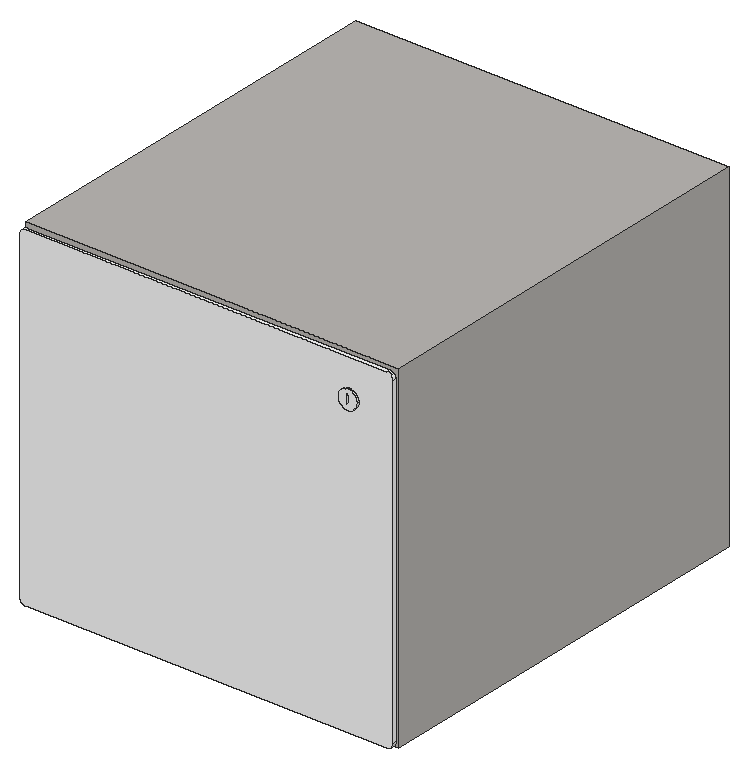
Revit family "Storage-Mounted-Teknion-JNBP-Suspended_Pedestal_File_Drawer-R2015", category Furniture, Revit 2015
Parameters (values of type "Metal")
  Warranty = "http://www.teknion.com/ca/papers/legal-canada"
  Unit Weight URL = "http://www.teknion.com/ca/tools/assets#&asset=bee6a381-b954-425e-8283-5a2de3a804f2,f828d448-4b62-4231-9e5f-9a8991c0ed77"
  URL = "www.teknion.com"
  Sustainability Data = "http://www.teknion.com/ca/tools/assets#&topic=216f99a5-57a0-44fc-b10a-9dee9b29ae4c&asset=444deb64-fe58-4b68-981e-f75e97781df7"
  Series = "Expansion Cityline"  # constant formula
  Product Page URL = "http://www.teknion.com/ca/products/product-details?productlineid=9ad2a26e-8e7a-673b-a6c8-ff05004460c4"
  Product Line = "Expansion Cityline"  # constant formula
  Product Documentation Link = "http://www.teknion.com/pricing/expansion-cityline/pdfs/JNBP_ppg.pdf"
  Part Number = "JNBP"  # constant formula
  Model = "JNBP"  # constant formula
  Manufacturer Phone = "416-661-3370"  # constant formula
  Manufacturer Fax = "416.661.4586"  # constant formula
  Manufacturer Contact Information = "http://www.teknion.com/ca/contactus"
  Manufacturer Address = "1150 Flint Road, Toronto, ON. M3J 2J5. Canada"  # constant formula
  Manufacturer = "Teknion"  # constant formula
  Has Solid Front Style = not(Has Metal Front Style)  # no
  Has Metal Front Style = yes
  Front Finish = Mica - Teknion - V - Satin - Very White
  Front Door Depth [instance] = if(Has Metal Front Style, 0.118", 0.701")  # 0.118"
  Description = "Suspended Pedestal – File Drawer"  # constant formula
  Case Finish [instance] = Source Laminate - Teknion - XS - Storm White
  Assembly Code = "E2020200"
Types (2): name | Has Solid Front Style | Has Metal Front Style | Front Finish | Front Door Depth
  Metal | no | yes | Mica - Teknion - V - Satin - Very White | 0.118"
  Solid | yes | no | Source Laminate - Teknion - XS - Storm White | 0.701"
Reference planes (in)
  plane 1 "Center Front/Back": y = 0
  plane 2: z = 0
  plane 3 "Center Left/Right": x = 0
  plane 4 "Left": x = -7.75
  plane 5 "Right": x = 7.75
  plane 6 "Back": y = 8.55118
  plane 7 "Front": y = -8.55118
  plane 8 "Top": z = 24.12496
  plane 9: y = -8.74803
  plane 10: y = -8.86603
  plane 11: z = 10
Forms (in)
  Extrusion 1, solid, material "Mica - Teknion - V - Satin - Very White" <- "Front Finish"
    sketch origin (0, 0, 0) x (1, 0, 0) y (0, 0, 1)
      loop
        arc (-7.5, 24.06591) -> (-7.67678, 23.99268) -> (-7.75, 23.8159) r 0.25
        line (-7.75, 23.8159) -> (-7.75, 10.30906)
        arc (-7.75, 10.30906) -> (-7.67678, 10.13228) -> (-7.5, 10.05906) r 0.25
        line (-7.5, 10.05906) -> (7.5, 10.05906)
        arc (7.5, 10.05906) -> (7.67678, 10.13228) -> (7.75, 10.30906) r 0.25
        line (7.75, 10.30906) -> (7.75, 23.81591)
        arc (7.75, 23.81591) -> (7.67678, 23.99268) -> (7.5, 24.06591) r 0.25
        line (7.5, 24.06591) -> (-7.5, 24.06591)
    from 8.74803 to 8.86603
  Extrusion 2, solid, material "Source Laminate - Teknion - XS - Storm White" <- "Case Finish"
    sketch origin (0, 0, 0) x (1, 0, 0) y (0, 1, 0)
      loop
        line (-7.75, 8.55118) -> (-7.75, -8.55118) -> (7.75, -8.55118) -> (7.75, 8.55118) -> (-7.75, 8.55118)
    from 10 to 24.12496
  Extrusion 3, solid, material "Mica - Teknion - V - Satin - Very White"
    sketch origin (0, 0, 0) x (1, 0, 0) y (0, 0, 1)
      loop
        circle (5.91929, 22.49083) r 0.39357
      loop
        line (5.87007, 22.67811) -> (5.87007, 22.30409) -> (5.9685, 22.30409) -> (5.9685, 22.67811) -> (5.87007, 22.67811)
    from 8.86603 to 8.92509
Lines and regions (in)
  Masking region 1
    outline origin (0, 0, 0) x (1, 0, 0) y (0, 1, 0)
      loop
        line (-7.75, 8.55118) -> (-7.75, -8.55118) -> (7.75, -8.55118) -> (7.75, 8.55118) -> (-7.75, 8.55118)
  Masking region 2
    outline origin (0, 0, 0) x (1, 0, 0) y (0, 1, 0)
      loop
        line (-7.75, -8.74803) -> (-7.75, -8.86603) -> (7.75, -8.86603) -> (7.75, -8.74803) -> (-7.75, -8.74803)
  symbolic lines, style "FurnitureHiddenLines", detail levels medium+fine
    curve 1: line (-6.75, 7.55118, 0) -> (-6.75, -8.55118, 0)
    curve 2: line (6.75, 7.55118, 0) -> (-6.75, 7.55118, 0)
    curve 3: line (6.75, -8.55118, 0) -> (6.75, 7.55118, 0)
Dimensions and locks (in)
  locked: plane 4 "Left" to plane 5 "Right" at 15.5
  locked: plane 6 "Back" to plane 7 "Front" at 17.10236
  locked: plane 8 "Top" to level at 24.12496
  locked: plane 8 "Top" to plane 11 at 14.12496
  locked: Extrusion 1 sketch curve to plane 11 at 0.05906
  locked: Extrusion 1 sketch curve to plane 5 "Right" at 0.25  (x2)
  locked: Extrusion 1 sketch curve to plane 11 at 0.30906  (x2)
  locked: plane 8 "Top" to Extrusion 1 sketch curve at 0.05905
  locked: plane 8 "Top" to Extrusion 1 sketch curve at 0.30906
  locked: plane 8 "Top" to Extrusion 1 sketch curve at 0.30905
  locked: Extrusion 1 sketch curve to plane 4 "Left" at 0.25  (x2)
  Extrusion 3 sketch curve to Extrusion 3 sketch curve to Extrusion 3 sketch curve to plane 5 "Right" = 0.04921" locked, 0.04921" locked, 1.7815" locked
  plane 8 "Top" to Extrusion 3 sketch curve to Extrusion 3 sketch curve to Extrusion 3 sketch curve = 1.44685" locked, 0.18728" locked, 0.18674" locked
  locked: Extrusion 3 to plane 10 at 0.05906
  locked: plane 9 to plane 7 "Front" at 0.19685
  "Front Door Depth": plane 10 to plane 9
  locked: plane 4 "Left" to curve 1 at 1
  locked: plane 6 "Back" to curve 2 at 1
  locked: curve 3 to plane 5 "Right" at 1
  equal spacing: plane 7 "Front", plane 1 "Center Front/Back", plane 6 "Back"
  equal spacing: plane 4 "Left", plane 3 "Center Left/Right", plane 5 "Right"
  aligned and locked: level to plane 2
  aligned and locked: plane 4 "Left" to Extrusion 1 sketch curve
  aligned and locked: plane 5 "Right" to Extrusion 1 sketch curve
  aligned and locked: plane 10 to Extrusion 1
  aligned and locked: Extrusion 1 to plane 9
  aligned and locked: plane 4 "Left" to Extrusion 2 sketch curve
  aligned and locked: Extrusion 2 sketch curve to plane 6 "Back"
  aligned and locked: plane 5 "Right" to Extrusion 2 sketch curve
  aligned and locked: Extrusion 2 sketch curve to plane 7 "Front"
  aligned and locked: Extrusion 3 to plane 10
  aligned and locked: plane 8 "Top" to Extrusion 2
  aligned and locked: plane 11 to Extrusion 2
  aligned and locked: Masking region 1 sketch curve to plane 6 "Back"
  aligned and locked: plane 4 "Left" to Masking region 1 sketch curve
  aligned and locked: plane 5 "Right" to Masking region 1 sketch curve
  aligned and locked: Masking region 1 sketch curve to plane 7 "Front"
  aligned and locked: plane 5 "Right" to Masking region 2 sketch curve
  aligned and locked: plane 9 to Masking region 2 sketch curve
  aligned and locked: Masking region 2 sketch curve to plane 10
  aligned and locked: plane 4 "Left" to Masking region 2 sketch curve
Automatic sketch dimensions
  plane 7 "Front" to curve 1 = 0.000"
  plane 7 "Front" to curve 3 = 0.000"
  radius of Extrusion 3 sketch curve = 0.39357"
